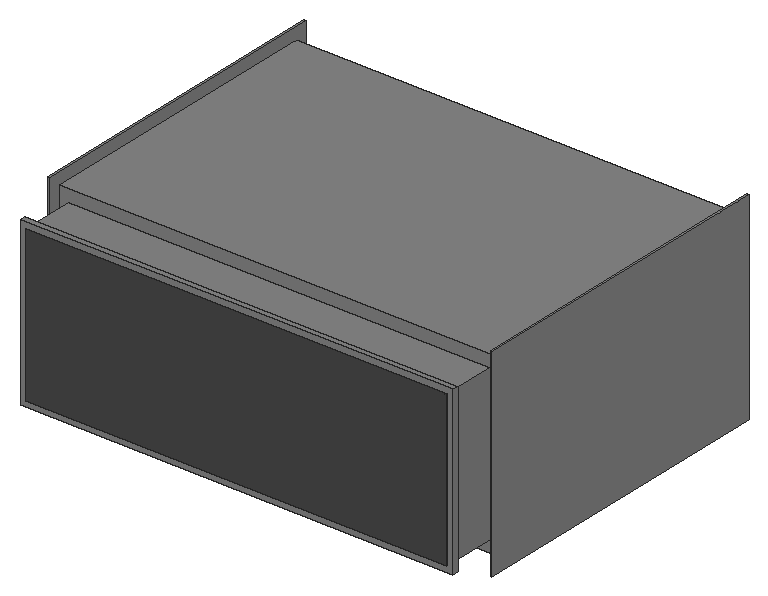
Revit family "НЕВАТОМ_Нaгреватель NEP, Версия 2", category Оборудование, Revit 2017
Family settings
  Размер круглого соединителя = Использовать радиус
  Тип детали = Вставляется
  На основе рабочей плоскости = Нет
  Всегда вертикально = Да
  При загрузке вырезать с полостями = Нет
  Общий = Нет
  Точка расчета площади = Нет
Parameters (values of type "NEP")
  а [instance] = if(A < 800 mm, A + 40 mm, A + 60 mm)  # 540 mm
  ТП = "nep"
  НЕВАТОМ_Минимальный расход воздуха [instance] = 810.0 m³/h
  Материал = Сталь серая
  Крышка = СВМПЭ, черный
  Ключевая пометка = "Вентиляция"
  Nevatom_URL = "https://t.me/NEVATOM_Bim_bot"
  L [instance] = size_lookup(ТП, "L", 0 mm, НЕВАТОМ_Минимальный расход воздуха, ADSK_Номинальная мощность)  # 750 mm
  H [instance] = size_lookup(ТП, "H", 0 mm, НЕВАТОМ_Минимальный расход воздуха, ADSK_Номинальная мощность)  # 610 mm
  F [instance] = size_lookup(ТП, "F", 0 mm, НЕВАТОМ_Минимальный расход воздуха, ADSK_Номинальная мощность)  # 320 mm
  E [instance] = size_lookup(ТП, "E", 0 mm, НЕВАТОМ_Минимальный расход воздуха, ADSK_Номинальная мощность)  # 520 mm
  C [instance] = size_lookup(ТП, "C", 0 mm, НЕВАТОМ_Минимальный расход воздуха, ADSK_Номинальная мощность)  # 340 mm
  B [instance] = size_lookup(ТП, "B", 0 mm, НЕВАТОМ_Минимальный расход воздуха, ADSK_Номинальная мощность)  # 300 mm
  ADSK_Ток [instance] = size_lookup(ТП, "ADSK_Ток", 0 A, НЕВАТОМ_Минимальный расход воздуха, ADSK_Номинальная мощность)  # 48 A
  ADSK_Размер_Ширина [instance] = L  # 750 mm
  ADSK_Размер_Длина [instance] = H  # 610 mm
  ADSK_Размер_Высота [instance] = C  # 340 mm
  ADSK_Примечание = "Подбор через ADSK_Номинальная мощность(ед.изм в кВт) и НЕВАТОМ_Минимальный расход воздуха"
  ADSK_Полная мощность [instance] = ADSK_Номинальная мощность / ADSK_Коэффициент мощности  # 54.72 kW
  ADSK_Позиция = ""
  ADSK_Номинальная мощность = 30 kW
  ADSK_Напряжение [instance] = size_lookup(ТП, "ADSK_Напряжение", 0 V, НЕВАТОМ_Минимальный расход воздуха, ADSK_Номинальная мощность)  # 380 V
  ADSK_Наименование [instance] = "Нагреватель электрический прямоугольный"  # constant formula
  ADSK_Масса [instance] = size_lookup(ТП, "ADSK_Масса", 0, НЕВАТОМ_Минимальный расход воздуха, ADSK_Номинальная мощность)  # 25.8
  ADSK_Марка [instance] = size_lookup(ТП, "", "Нет в каталоге", НЕВАТОМ_Минимальный расход воздуха, ADSK_Номинальная мощность)  # "NEP-500-300/30"
  ADSK_Коэффициент мощности [instance] = ADSK_Номинальная мощность / (ADSK_Напряжение * ADSK_Количество фаз числовое * ADSK_Ток)  # 0.54825
  ADSK_Количество фаз числовое [instance] = size_lookup(ТП, "ADSK_Количество фаз числовое", 1, НЕВАТОМ_Минимальный расход воздуха, ADSK_Номинальная мощность)  # 3
  ADSK_Количество фаз [instance] = ADSK_Количество фаз числовое  # 3
  ADSK_Количество = 1  # constant formula
  ADSK_Код изделия = ""
  ADSK_Завод-изготовитель = "НЕВАТОМ"  # constant formula
  ADSK_Единица измерения = "шт."  # constant formula
  A [instance] = size_lookup(ТП, "A", 0 mm, НЕВАТОМ_Минимальный расход воздуха, ADSK_Номинальная мощность)  # 500 mm
Reference planes
  plane 1 "По центру (Вперед/Назад)": y = 0
  plane 2: z = 0
  plane 3 "По центру (Влево/Вправо)": x = 0
  plane 4: y = 270
  plane 5: y = 250
  plane 6: y = -270
  plane 7: y = -250
  plane 8: y = -340
  plane 9: z = 150
  plane 10: z = 170
  plane 11: z = -150
  plane 12: z = -170
  plane 13: x = -375
  plane 14: x = 375
  plane 15: z = 140
  plane 16: z = 130
  plane 17: x = -365
  plane 18: x = -355
  plane 19: z = -140
  plane 20: z = -130
  plane 21: x = 365
  plane 22: x = 355
  plane 23: y = -330
  plane 24: y = -341
  plane 25: x = 372
  plane 26: x = -372
Forms (mm)
  Extrusion 1, void, not visible
    sketch origin (-345, -245, 50) x (0, -1, 0) y (0, 0, -1)
      loop
        line (-477.965, -475) -> (-477.965, -450) -> (-528.913, -450) -> (-528.913, -475) -> (-477.965, -475)
    from -47.452 to 12
  Extrusion 2, solid, material "Сталь серая" <- "Материал", detail levels medium+fine
    sketch origin (0, 0, 0) x (0, 1, 0) y (0, 0, 1)
      loop
        line (250, 150) -> (-250, 150) -> (-250, -150) -> (250, -150) -> (250, 150)
    from -375 to 375
  Extrusion 3, solid, material "Сталь серая" <- "Материал", detail levels medium+fine
    sketch origin (0, 0, 0) x (1, 0, 0) y (0, 0, 1)
      loop
        line (-355, 130) -> (-355, -130) -> (355, -130) -> (355, 130) -> (-355, 130)
    from 250 to 330
  Extrusion 4, solid, material "Сталь серая" <- "Материал", detail levels medium+fine
    sketch origin (0, 0, 0) x (0, 1, 0) y (0, 0, 1)
      loop
        line (270, 170) -> (-270, 170) -> (-270, -170) -> (270, -170) -> (270, 170)
    from 372 to 375
  Extrusion 5, solid, material "Сталь серая" <- "Материал", detail levels medium+fine
    sketch origin (0, 0, 0) x (0, 1, 0) y (0, 0, -1)
      loop
        line (270, -170) -> (270, 170) -> (-270, 170) -> (-270, -170) -> (270, -170)
    from 372 to 375
  Extrusion 6, solid, material "Сталь серая" <- "Материал", detail levels medium+fine
    sketch origin (0, 0, 0) x (1, 0, 0) y (0, 0, 1)
      loop
        line (-365, 140) -> (-365, -140) -> (365, -140) -> (365, 140) -> (-365, 140)
    from 330 to 340
  Extrusion 7, solid, material "СВМПЭ, черный" <- "Крышка", detail levels medium+fine
    sketch origin (0, 0, 0) x (1, 0, 0) y (0, 0, 1)
      loop
        line (-355, 130) -> (-355, -130) -> (355, -130) -> (355, 130) -> (-355, 130)
    from 340 to 341
Cuts and joins
  joined: Extrusion 2, Extrusion 3, Extrusion 4, Extrusion 5, Extrusion 6
Lines and regions (mm)
  model lines, not visible, detail levels coarse
    curve 1: circle (0, 0, 0) r 135 normal (0, 0, 1)
    curve 2: line (-135, 0, 0) -> (43.681, 127.738, 0)
    curve 3: line (-135, 0, 0) -> (43.681, -127.738, 0)
    curve 4: line (43.681, 127.738, 0) -> (43.681, -127.738, 0)
  model lines, not visible, detail levels medium
    curve 5: circle (0, 0, 0) r 90 normal (0, -1, 0)
    curve 6: line (-90, 0, 0) -> (39.046, 0, 81.089)
    curve 7: line (-90, 0, 0) -> (39.046, 0, -81.089)
    curve 8: line (39.046, 0, 81.089) -> (39.046, 0, -81.089)
Dimensions and locks
  equal spacing: plane 11, level, plane 9
  "B": plane 11 to plane 9
  equal spacing: plane 12, level, plane 10
  "C": plane 12 to plane 10
  equal spacing: plane 5, plane 1 "По центру (Вперед/Назад)", plane 7
  "A": plane 5 to plane 7
  equal spacing: plane 4, plane 1 "По центру (Вперед/Назад)", plane 6
  "а": plane 4 to plane 6
  "H": plane 4 to plane 8
  equal spacing: plane 14, plane 3 "По центру (Влево/Вправо)", plane 13
  "L": plane 14 to plane 13
  locked: plane 9 to plane 16 at 20
  locked: plane 9 to plane 15 at 10
  locked: plane 17 to plane 13 at 10
  locked: plane 18 to plane 13 at 20
  locked: plane 11 to plane 20 at 20
  locked: plane 11 to plane 19 at 10
  locked: plane 21 to plane 14 at 10
  locked: plane 22 to plane 14 at 20
  locked: plane 23 to plane 8 at 10
  locked: plane 8 to plane 24 at 1
  locked: plane 14 to plane 25 at 3
  locked: plane 13 to plane 26 at 3
  aligned and locked: level to plane 2
  aligned and locked: plane 9 to Extrusion 2 sketch curve
  aligned and locked: Extrusion 2 sketch curve to plane 5
  aligned and locked: plane 11 to Extrusion 2 sketch curve
  aligned and locked: Extrusion 2 sketch curve to plane 7
  aligned and locked: plane 14 to Extrusion 2
  aligned and locked: Extrusion 2 to plane 13
  aligned and locked: Extrusion 3 sketch curve to plane 16
  aligned and locked: plane 18 to Extrusion 3 sketch curve
  aligned and locked: Extrusion 3 sketch curve to plane 20
  aligned and locked: plane 22 to Extrusion 3 sketch curve
  aligned and locked: plane 23 to Extrusion 3
  aligned and locked: plane 7 to Extrusion 3
  aligned and locked: plane 10 to Extrusion 4 sketch curve
  aligned and locked: Extrusion 4 sketch curve to plane 4
  aligned and locked: plane 12 to Extrusion 4 sketch curve
  aligned and locked: Extrusion 4 sketch curve to plane 6
  aligned and locked: Extrusion 4 to Extrusion 2
  aligned and locked: Extrusion 5 to Extrusion 2
  aligned and locked: Extrusion 5 to plane 26
  aligned and locked: plane 25 to Extrusion 4
  aligned and locked: Extrusion 6 sketch curve to plane 15
  aligned and locked: plane 17 to Extrusion 6 sketch curve
  aligned and locked: Extrusion 6 sketch curve to plane 19
  aligned and locked: plane 21 to Extrusion 6 sketch curve
  aligned and locked: Extrusion 6 to plane 8
  aligned and locked: Extrusion 6 to plane 23
  aligned and locked: Extrusion 7 sketch curve to Extrusion 3  (x4)
  aligned and locked: plane 24 to Extrusion 7
  aligned and locked: plane 8 to Extrusion 7
Automatic sketch dimensions
  Extrusion 5 sketch curve to plane 6 = 0 mm
  Extrusion 5 sketch curve to plane 4 = 0 mm
  Extrusion 5 sketch curve to plane 10 = 0 mm
  plane 12 to Extrusion 5 sketch curve = 0 mm
Nested families
  nested 1: "крепление 15мм" at (-330, 229.965, 495), type "крепление 15мм", not visible
  nested 2: "НЕВАТОМ_Нагреватель NEP, Версия 2" at (0, 0, 0) x (0, -1, 0) z (0, 0, 1), L <- "а", a <- "L", type "НЕВАТОМ_Нагреватель NEP, Версия 2"
    with b 135 mm, a 750 mm, L 540 mm
Connectors
  hvac at (-375, 0, 0), driven by "B", driven by "A", driven by "НЕВАТОМ_Минимальный расход воздуха"
    settings: on cut or joined group of Extrusion 2, Extrusion 3, Extrusion 4, Extrusion 5, Extrusion 6, index 1, duct flow 810.0 m³/h, flow factor 0, pres drop 0.0 Pa, loss coef 0, conn angle 0.00°, conn width 500 mm, conn height 300 mm, conn diameter 609.6 mm, duct sys type 29, conn prof type 1, flow config 0, flow direction 0, loss method 0, conn ref index 2, conn util no, is conn primary yes, conn desc ""
  hvac at (375, 0, 0), driven by "B", driven by "A", driven by "НЕВАТОМ_Минимальный расход воздуха"
    settings: on cut or joined group of Extrusion 2, Extrusion 3, Extrusion 4, Extrusion 5, Extrusion 6, index 2, duct flow 810.0 m³/h, flow factor 0, pres drop 0.0 Pa, loss coef 0, conn angle 0.00°, conn width 500 mm, conn height 300 mm, conn diameter 609.6 mm, duct sys type 29, conn prof type 1, flow config 0, flow direction 0, loss method 0, conn ref index 1, conn util no, is conn primary no, conn desc ""
  electrical at (0, 0, 150), driven by "ADSK_Напряжение", driven by "ADSK_Коэффициент мощности", driven by "ADSK_Полная мощность", driven by "ADSK_Количество фаз", driven by "ADSK_Полная мощность"
    settings: on cut or joined group of Extrusion 2, Extrusion 3, Extrusion 4, Extrusion 5, Extrusion 6, index 3, voltage 380 V, apparent load 54.72 kW, apparent load phase1 54.72 kW, apparent load phase2 0 kW, apparent load phase3 0 kW, power factor 0.54825, load classification "ОВК", number of poles 3, system type 31, power factor state 1, is connector primary yes, connector utility no, sub classification motor no, connector description ""
Definition of nested family "крепление 15мм"
  Parameters (values of type "крепление 15мм")
    Материал крепления = none
  Reference planes
    plane 1 "По центру (Вперед/Назад)": y = 0
    plane 2: z = 0
    plane 3 "По центру (Влево/Вправо)": x = 0
  Forms (mm)
    Extrusion 1, solid, material <- "Материал крепления"
      sketch origin (0, 0, 0) x (1, 0, 0) y (0, 1, 0)
        loop
          line (-25, 0) -> (0, 0) -> (0, 18.31) -> (0, 25) -> (-3, 25) -> (-3, 3) -> (-25, 3) -> (-25, 0)
      from 0 to 30
    Extrusion 2, void
      sketch origin (0, 0, 0) x (1, 0, 0) y (0, 1, 0)
        loop
          line (-3, 3) -> (-3, 54.96) -> (-58, 54.96) -> (-58, 3) -> (-3, 3)
      from 0 to 15
  Cuts and joins
    Extrusion 2 cuts Extrusion 1
  Dimensions and locks
    Extrusion 1 sketch curve to Extrusion 1 sketch curve = 3 mm  (x2)
    Extrusion 1 sketch curve to Extrusion 1 sketch curve to plane 3 "По центру (Влево/Вправо)" = 25 mm, 0 mm
    Extrusion 1 sketch curve to Extrusion 1 sketch curve = 25 mm
    aligned and locked: level to plane 2
Definition of nested family "НЕВАТОМ_Нагреватель NEP, Версия 2"
  Parameters (values of type "НЕВАТОМ_Нагреватель NEP, Версия 2")
    b [instance] = L / 4  # 250 mm
    a [instance] = 400 mm
    L [instance] = 1000 mm
  Reference planes
    plane 1 "По центру (Вперед/Назад)": y = 0
    plane 2: z = 0
    plane 3 "По центру (Влево/Вправо)": x = 0
  Lines and regions (mm)
    model lines
      curve 1: line (-500, 200, 0) -> (500, 200, 0)
      curve 2: line (-500, -200, 0) -> (-500, 200, 0)
      curve 3: line (500, -200, 0) -> (-500, -200, 0)
      curve 4: line (500, 200, 0) -> (500, -200, 0)
      curve 5: line (204.947, 16.547, 0) -> (250, -15, 0)
      curve 6: line (250, -15, 0) -> (250, 15, 0)
      curve 7: line (250, 15, 0) -> (281.82, -16.82, 0)
      curve 8: line (281.82, -16.82, 0) -> (276.69, -2.724, 0)
      curve 9: line (281.82, -16.82, 0) -> (267.724, -11.69, 0)
      curve 10: line (-280, 0, 0) -> (-220, 0, 0)
      curve 11: line (-250, 30, 0) -> (-250, -30, 0)
  Dimensions and locks
    equal spacing: curve 2, plane 3 "По центру (Влево/Вправо)", curve 4
    "L": curve 2 to curve 4
    equal spacing: curve 3, plane 1 "По центру (Вперед/Назад)", curve 1
    "a": curve 3 to curve 1
    "b": curve 6 to curve 4
    "b": curve 2 to curve 11
    aligned and locked: level to plane 2
  Automatic sketch dimensions
    plane 1 "По центру (Вперед/Назад)" to curve 10 = 0 mm
    plane 1 "По центру (Вперед/Назад)" to curve 9 = 16.82 mm
    curve 5 to curve 9 = 31.82 mm
    plane 1 "По центру (Вперед/Назад)" to curve 5 = 15 mm
    curve 7 to plane 1 "По центру (Вперед/Назад)" = 15 mm
    curve 10 to curve 11 = 30 mm
    curve 11 to curve 10 = 30 mm
    curve 5 to plane 1 "По центру (Вперед/Назад)" = 16.547 mm
    curve 5 to curve 6 = 45.053 mm
    plane 1 "По центру (Вперед/Назад)" to curve 9 = 11.69 mm
    curve 9 to curve 7 = 14.095 mm
    plane 1 "По центру (Вперед/Назад)" to curve 8 = 2.724 mm
    curve 9 to curve 8 = 8.965 mm
    plane 1 "По центру (Вперед/Назад)" to curve 11 = 30 mm
    curve 11 to plane 1 "По центру (Вперед/Назад)" = 30 mm
